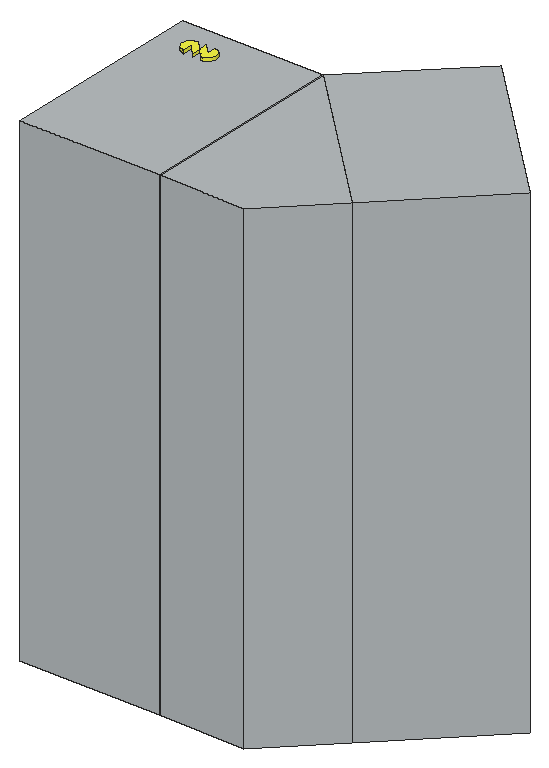
Revit family "NLRS_57_DUF_UN_instortkanaal-staande-haakse-bocht-45_LT_velu", category Duct Fittings, Revit 2020
Family settings
  Round Connector Dimension = Use Diameter
  Part Type = Elbow
  Work Plane-Based = No
  Always vertical = Yes
  Cut with Voids When Loaded = No
  Shared = No
Parameters (values of type "Staande bocht 45")
  VELU_c01_hoogte [instance] = if(NLRS_M_c01_hoogte > 70.00 mm, 80.00 mm, 70.00 mm)  # 70.00 mm
  VELU_c01_breedte [instance] = if(VELU_c01_hoogte = 70.00 mm, 170.00 mm, if(NLRS_M_c01_breedte > 220.00 mm, 250.00 mm, if(NLRS_M_c01_breedte > 200.00 mm, 220.00 mm, if(NLRS_M_c01_breedte > 170.00 mm, 200.00 mm, 170.00 mm))))  # 170.00 mm
  VELU_Werkendelengte [instance] = VELU_Bochtlengte * 2  # 58.995 mm
  VELU_Show_Warning [instance] = not(VELU_Correcte_Maatvoering)  # no
  VELU_Model [instance] = size_lookup(VELU_Article_Data, "Model", "NB", VELU_c01_breedte, VELU_c01_hoogte)  # "VIK Bocht staand 170 x 70 45"
  VELU_Koppelbus_Li1 [instance] = size_lookup(VELU_Article_Data, "Li1", 50.00 mm, VELU_c01_breedte, VELU_c01_hoogte)  # 50.00 mm
  VELU_Gewicht [instance] = size_lookup(VELU_Article_Data, "kg", 0, VELU_c01_breedte, VELU_c01_hoogte) * 1.00 kg / 100  # 0.56 kg
  VELU_Foutmelding [instance] = if(VELU_Show_Warning, "Ongeldige (instort) maatvoering!", " ")  # " "
  VELU_Correcte_Maatvoering [instance] = (and(NLRS_M_c01_breedte = VELU_c01_breedte, NLRS_M_c01_hoogte = VELU_c01_hoogte))  # yes
  VELU_Calculation_Parameter2 [instance] = (VELU_Calculation_Parameter / 2) * tan(NLRS_C_hoek / 2)  # 15.119 mm
  VELU_Calculation_Parameter [instance] = VELU_c01_hoogte + 3.00 mm  # 73.00 mm
  VELU_Bochtlengte [instance] = size_lookup(VELU_Article_Data, "L", 160.00 mm, VELU_c01_breedte, VELU_c01_hoogte) + (VELU_c01_hoogte / 2) / tan(67.50°)  # 29.497 mm
  VELU_Bim-site [instance] = "https://velu.nl/bim"
  VELU_Artikel_code [instance] = size_lookup(VELU_Article_Data, "", "NB", VELU_c01_breedte, VELU_c01_hoogte)  # "5111000074"
  VELU_Article_Data = "BochtStaand"  # constant formula
  built-in parameter 1114242 [instance] = 1 = 0  # (empty or 0)
  URL = "https://webshop.velu.nl/overige-woningbouw-componenten/"
  Type Comments = "Enkel geschikt voor VELU instort kanaal maten"  # constant formula
  NLRS_M_c01_hoogte [instance] = 70.00 mm
  NLRS_M_c01_breedte [instance] = 170.00 mm
  NLRS_C_model [instance] = VELU_Model  # "VIK Bocht staand 170 x 70 45"
  NLRS_C_hoek [instance] = 45.00°  # constant formula
  NLRS_C_description = Description  # "Velu instort kanaal: staande bocht 45"
  NLRS_C_content_versie = "3.20.01"  # constant formula
  NLRS_C_content_provider = "Velu Klimaattechnische Groothandel"  # constant formula
  NLRS_C_content_datum_gewijzigd = "20-01-2023"  # constant formula
  NLRS_C_content_creator = "J. Feeke"  # constant formula
  Model = "VIK Bocht 45 Staand"  # constant formula
  Manufacturer = "Velu Klimaattechnische Groothandel"  # constant formula
  Description = "Velu instort kanaal: staande bocht 45"  # constant formula
  Default Elevation = 0.00 mm
  Assembly Code = "57.00"
Reference planes
  plane 1 "Center (Front/Back)": y = 0
  plane 2: z = 0
  plane 3 "Center (Left/Right)": x = 0
  plane 4: y = 35
  plane 5: y = -35
  plane 6: y = 36.5
  plane 7: y = -36.5
  plane 8: z = 85
  plane 9: z = -85
  plane 10: z = 86.5
  plane 11: z = -86.5
  plane 12: x = -50
  plane 13: x = 15.119
Forms (mm)
  Extrusion 1, solid, material "VELU_Label", not visible
    sketch origin (-547.644, -297.937, 0) x (1, 0, 0) y (0, 1, 0)
      loop
        arc (546.644, 298.937) -> (545.644, 297.937) -> (546.644, 296.937) r 1
        line (546.644, 296.937) -> (546.644, 297.937) -> (547.644, 296.937) -> (547.644, 297.937) -> (546.644, 298.937)
    from 0 to 1
  Extrusion 2, solid, material "VELU_Label", not visible
    sketch origin (0, 0, 0) x (1, 0, 0) y (0, 1, 0)
      loop
        arc (1, -1) -> (2, 0) -> (1, 1) r 1
        line (1, 1) -> (1, 0) -> (0, 1) -> (0, 0) -> (1, -1)
    from 0 to 1
  Extrusion 3, solid, material "NLRS_57_sendzimir verzinkt_gen_sacs", detail levels medium+fine
    sketch origin (0, 0, 0) x (1, 0, 0) y (0, 1, 0)
      loop
        line (0, 36.5) -> (0, -36.5) -> (30.238, -36.5) -> (51.619, -15.119) -> (0, 36.5)
    from -86.5 to 86.5
  Sweep 4, solid, material "NLRS_57_sendzimir verzinkt_gen_sacs", detail levels medium+fine
    path in 3D
      loop
        line (51.619, -15.119, -86.5) -> (0, 36.5, -86.5) -> (0, 36.5, 86.5) -> (51.619, -15.119, 86.5) -> (51.619, -15.119, -86.5)
    profile "mof : mof" origin (51.619, -15.119, 0) x (-0.707107, 0.707107, 0) y (0.707107, 0.707107, 0)
      loop
        line (0, 0) -> (1.5, 0) -> (1.5, 50) -> (0, 50) -> (0, 0)
  Sweep 5, solid, material "NLRS_57_sendzimir verzinkt_gen_sacs", detail levels medium+fine
    path in 3D
      loop
        line (0, -36.5, 86.5) -> (0, -36.5, -86.5) -> (0, 36.5, -86.5) -> (0, 36.5, 86.5) -> (0, -36.5, 86.5)
    profile "mof : mof" origin (0, 0, 86.5) x (1, 0, 0) y (0, 0, 1)
      loop
        line (0, 0) -> (-50, 0) -> (-50, -1.5) -> (0, -1.5) -> (0, 0)
Lines and regions (mm)
  reference lines
    curve 1: line (0, 36.5, 0) -> (51.619, -15.119, 0)
  sketch lines
    curve 2: line (51.619, -15.119, 86.5) -> (51.619, -15.119, -86.5)
    curve 3: line (51.619, -15.119, 86.5) -> (0, 36.5, 86.5)
    curve 4: line (0, 36.5, 86.5) -> (0, 36.5, -86.5)
    curve 5: line (0, 36.5, -86.5) -> (51.619, -15.119, -86.5)
    curve 6: line (0, 36.5, 86.5) -> (0, -36.5, 86.5)
    curve 7: line (0, -36.5, 86.5) -> (0, -36.5, -86.5)
    curve 8: line (0, -36.5, -86.5) -> (0, 36.5, -86.5)
    curve 9: line (0, 36.5, -86.5) -> (0, 36.5, 86.5)
  model lines, detail levels coarse
    curve 10: line (27.274, 12.155, 0) -> (15.119, 0, 0)
    curve 11: line (0, 0, 0) -> (15.119, 0, 0)
Dimensions and locks
  equal spacing: plane 4, plane 1 "Center (Front/Back)", plane 5
  "VELU_c01_hoogte": plane 4 to plane 5
  locked: plane 5 to plane 7 at 1.5
  locked: plane 6 to plane 4 at 1.5
  equal spacing: plane 8, level, plane 9
  "VELU_c01_breedte": plane 8 to plane 9
  locked: plane 9 to plane 11 at 1.5
  locked: plane 10 to plane 8 at 1.5
  "VELU_Koppelbus_Li1": plane 12 to plane 3 "Center (Left/Right)"
  "VELU_Calculation_Parameter": curve 1 to curve 1
  "VELU_Calculation_Parameter2": plane 3 "Center (Left/Right)" to plane 13
  equal spacing: curve 1, curve 10, curve 1
  locked: plane 12 to nested 1 at 15
  locked: plane 6 to nested 1 at 11.5
  locked: plane 12 to nested 2 at 15
  locked: plane 6 to nested 2 at 11.5
  equal spacing: plane 3 "Center (Left/Right)", nested 4, plane 12
  locked: plane 3 "Center (Left/Right)" to curve 1 (angle 45.00°)
  locked: Extrusion 3 sketch curve to Extrusion 3 sketch curve (angle 90.00°)
  aligned and locked: level to plane 2
  aligned and locked: plane 6 to curve 1
  aligned and locked: plane 3 "Center (Left/Right)" to curve 1
  aligned and locked: Extrusion 3 sketch curve to curve 1  (x2)
  aligned and locked: Extrusion 3 sketch curve to plane 3 "Center (Left/Right)"
  aligned and locked: Extrusion 3 sketch curve to plane 7
  aligned and locked: Extrusion 3 to plane 11
  aligned and locked: plane 10 to Extrusion 3
  aligned and locked: plane 1 "Center (Front/Back)" to curve 11
  aligned and locked: plane 13 to curve 11
  aligned and locked: plane 3 "Center (Left/Right)" to curve 11
  aligned and locked: plane 11 to nested 2
Automatic sketch dimensions
  plane 1 "Center (Front/Back)" to Extrusion 1 sketch curve = 0.00 mm  (x3)
  Extrusion 1 sketch curve to plane 3 "Center (Left/Right)" = 0.00 mm
  Extrusion 1 sketch curve to plane 3 "Center (Left/Right)" = 1.00 mm
  Extrusion 1 sketch curve to Extrusion 1 sketch curve = 1.00 mm  (x2)
  plane 1 "Center (Front/Back)" to Extrusion 2 sketch curve = 0.00 mm  (x3)
  Extrusion 2 sketch curve to plane 3 "Center (Left/Right)" = 0.00 mm
  plane 3 "Center (Left/Right)" to Extrusion 2 sketch curve = 1.00 mm
  Extrusion 2 sketch curve to Extrusion 2 sketch curve = 1.00 mm
  Extrusion 2 sketch curve to Extrusion 2 sketch curve = 0.00 mm
  curve 10 to plane 13 = 12.155 mm
Nested families
  nested 1: "logo_single" at (-35, 25, 86.5), type "logo_single", detail levels medium+fine
  nested 2: "logo_single" at (-35, 25, -87.5), type "logo_single", detail levels medium+fine
  nested 3: "Warning_R20" at (17.19, 0, 0), visible <- "VELU_Show_Warning", type "Warning_R20"
  nested 4: "Warning_R20" at (-25, 0, 0) x (1, 0, 0) z (0, -1, 0), visible <- "VELU_Show_Warning", type "Warning_R20-top"
Connectors
  hvac at (0, 0, 0), driven by "NLRS_M_c01_breedte", driven by "NLRS_M_c01_hoogte"
    settings: on Extrusion 3, index 1, duct flow 0.0 L/s, flow factor 0, pres drop 0.0 Pa, loss coef 0, conn angle 0.00°, conn width 70 mm, conn height 170 mm, conn diameter 609.6 mm, duct sys type 28, conn prof type 1, flow config 0, flow direction 0, loss method 0, conn ref index 2, conn util no, is conn primary yes, conn desc ""
  hvac at (25.809, 10.691, 0), driven by "NLRS_M_c01_breedte", driven by "NLRS_M_c01_hoogte"
    settings: on Extrusion 3, index 2, duct flow 0.0 L/s, flow factor 0, pres drop 0.0 Pa, loss coef 0, conn angle 0.00°, conn width 70 mm, conn height 170 mm, conn diameter 609.6 mm, duct sys type 28, conn prof type 1, flow config 0, flow direction 0, loss method 0, conn ref index 1, conn util no, is conn primary no, conn desc ""
Definition of nested family "logo_single"
  Parameters (values of type "logo_single")
    t = 3.00 mm
    Model = ""
    Description = ""
    Default Elevation = 0.00 mm
  Reference planes
    plane 1 "Center (Front/Back)": y = 0
    plane 2: z = 0
    plane 3 "Center (Left/Right)": x = 0
    plane 4: x = -6
    plane 5: y = -3
    plane 6: y = 3
    plane 7: x = -3
    plane 8: x = 3
    plane 9: x = 6
  Forms (mm)
    Extrusion 1, solid
      sketch origin (-547.644, -297.937, 0) x (1, 0, 0) y (0, 1, 0)
        loop
          arc (544.644, 300.937) -> (541.644, 297.937) -> (544.644, 294.937) r 3
          line (544.644, 294.937) -> (544.644, 297.937) -> (547.644, 294.937) -> (547.644, 297.937) -> (544.644, 300.937)
      from 0 to 1
    Extrusion 2, solid
      sketch origin (0, 0, 0) x (1, 0, 0) y (0, 1, 0)
        loop
          arc (3, -3) -> (6, 0) -> (3, 3) r 3
          line (3, 3) -> (3, 0) -> (0, 3) -> (0, 0) -> (3, -3)
      from 0 to 1
  Dimensions and locks
    "t": plane 6 to plane 1 "Center (Front/Back)"
    "t": plane 5 to plane 1 "Center (Front/Back)"
    "t": plane 4 to plane 7
    "t": plane 7 to plane 3 "Center (Left/Right)"
    "t": plane 3 "Center (Left/Right)" to plane 8
    "t": plane 8 to plane 9
    aligned and locked: level to plane 2
  Automatic sketch dimensions
    plane 1 "Center (Front/Back)" to Extrusion 1 sketch curve = 0.00 mm  (x3)
    Extrusion 1 sketch curve to plane 7 = 0.00 mm
    Extrusion 1 sketch curve to plane 6 = 0.00 mm
    Extrusion 1 sketch curve to plane 3 "Center (Left/Right)" = 0.00 mm
    Extrusion 1 sketch curve to plane 5 = 0.00 mm
    Extrusion 2 sketch curve to plane 3 "Center (Left/Right)" = 0.00 mm
    plane 1 "Center (Front/Back)" to Extrusion 2 sketch curve = 0.00 mm  (x3)
    Extrusion 2 sketch curve to plane 5 = 0.00 mm
    Extrusion 2 sketch curve to plane 8 = 0.00 mm
    Extrusion 2 sketch curve to plane 6 = 0.00 mm
Definition of nested family "Warning_R20"
  Parameters (values of type "Warning_R20")
    TW = 51.60 mm * Scale  # 51.60 mm
    TH = 75.00 mm * Scale  # 75.00 mm
    Scale = 1
    CO = 50.00 mm * Scale  # 50.00 mm
    CD = 50.00 mm * Scale  # 50.00 mm
    BW = 40.00 mm * Scale  # 40.00 mm
    BH = 12.00 mm * Scale  # 12.00 mm
  Reference planes
    plane 1 "Center (Front/Back)": y = 0
    plane 2: z = 0
    plane 3 "Center (Left/Right)": x = 0
  Lines and regions (mm)
    Filled region 1, type "Solid Fill - Black", in view "Ref. Level"
      outline origin (0, 0, 0) x (1, 0, 0) y (0, 1, 0)
        loop
          line (-25.8, 75) -> (-20, -12) -> (20, -12) -> (25.8, 75) -> (-25.8, 75)
        loop
          circle (0, -50) r 25
  Dimensions and locks
    equal spacing: Filled region 1 sketch curve, plane 3 "Center (Left/Right)", Filled region 1 sketch curve  (x2)
    "TH": plane 1 "Center (Front/Back)" to Filled region 1 sketch curve
    "BH": Filled region 1 sketch curve to plane 1 "Center (Front/Back)"
    "CO": Filled region 1 sketch curve to plane 1 "Center (Front/Back)"
    "TW": Filled region 1 sketch curve to Filled region 1 sketch curve
    "BW": Filled region 1 sketch curve to Filled region 1 sketch curve
    "CD": diameter of Filled region 1 sketch curve
    aligned and locked: plane 3 "Center (Left/Right)" to Filled region 1 sketch curve
